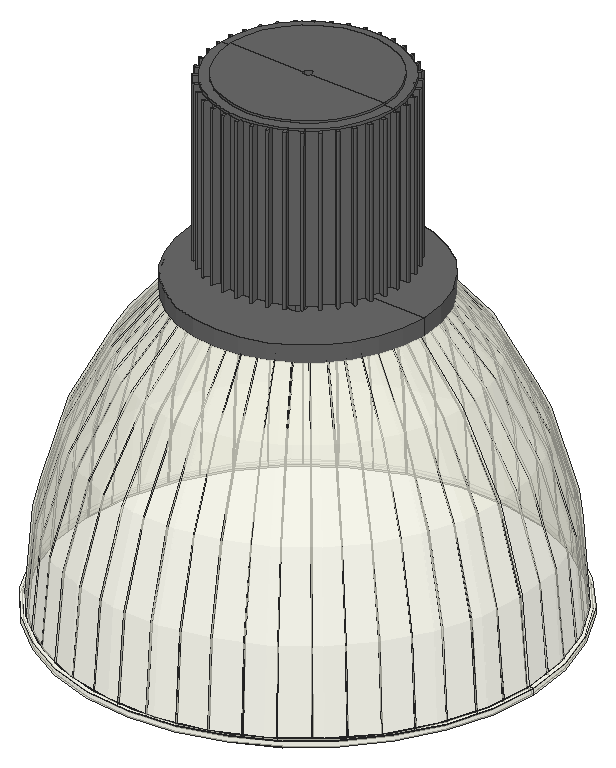
Revit family "phs22", category Lighting Fixtures, Revit 2024
Family settings
  Round Connector Dimension = Use Diameter
  Part Type = Normal
  OmniClass Number = 23.80.70.00
  OmniClass Title = Lighting
  Work Plane-Based = No
  Always vertical = Yes
  Cut with Voids When Loaded = No
  Light Source = No
  Maintain Annotation Orientation = No
  Shared = No
  Room Calculation Point = No
Parameters
  Default Elevation = 0' - 0"
Reference planes (in)
  plane 1 "Light Source Axis (F/B)": y = 0
  plane 2: z = 0
  plane 3 "Light Source Axis (L/R)": x = 0
  plane 4 "Light Source Elevation": z = 54
Forms (in)
  Sweep 1, solid, material "GLASS SHADE", not visible
    path origin (75.968, 0, 0.00093) x (1, 0, 0) y (0, 0, 1)
      loop
        arc (-4.5864, 68.3252) -> (-8.91952, 61.72019) -> (-10.59309, 54) r 21.63816
    profile origin (67.04848, 0, 61.72112) x (0.922209, 0, -0.386691) y (0, -1, 0)
      loop
        circle (0, 0) r 0.03125
  Revolve 2, solid, material "GLASS SHADE"
    sketch origin (0, 0, 0) x (1, 0, 0) y (0, 0, 1)
      loop
        line (11.16025, 54) -> (11.16025, 54.30779) -> (10.9572, 54.30779)
        arc (10.9572, 54.30779) -> (9.55266, 62.01139) -> (5.16417, 68.49672) r 19.02479
        line (5.16417, 68.49672) -> (5.09787, 68.43042)
        arc (5.09787, 68.43042) -> (9.48372, 61.93208) -> (10.86064, 54.21404) r 18.93104
        line (10.86064, 54.21404) -> (11.0665, 54.21404) -> (11.0665, 54) -> (11.16025, 54)
      axis (0, 68.49672) -> (0, 54)
    angle from 0 to 360
  Sweep 3, solid, material "GLASS SHADE"
    path origin (0, 0, 0) x (1, 0, 0) y (0, 0, 1)
      loop
        arc (-5.09787, 68.43042) -> (-9.41308, 61.90344) -> (-10.86064, 54.21404) r 19.78561
    profile origin (-9.41308, 0, 61.90344) x (0.926753, 0, -0.37567) y (0, -1, 0)
      loop
        circle (0, 0) r 0.03125
  Sweep 4, solid, material "GLASS SHADE"
    path origin (0, 0, 0) x (0.992115, -0.125333, 0) y (0, 0, 1)
      loop
        arc (-5.09787, 68.43042) -> (-9.41308, 61.90344) -> (-10.86064, 54.21404) r 19.78561
    profile origin (-9.33885, 1.17977, 61.90344) x (0.919446, -0.116153, -0.37567) y (-0.125333, -0.992115, 0)
      loop
        circle (0, 0) r 0.03125
  Sweep 5, solid, material "GLASS SHADE"
    path origin (0, 0, 0) x (0.992115, 0.125333, 0) y (0, 0, 1)
      loop
        arc (-5.09787, 68.43042) -> (-9.41308, 61.90344) -> (-10.86064, 54.21404) r 19.78561
    profile origin (-9.33885, -1.17977, 61.90344) x (0.919446, 0.116153, -0.37567) y (0.125333, -0.992115, 0)
      loop
        circle (0, 0) r 0.03125
  Sweep 6, solid, material "GLASS SHADE"
    path origin (0, 0, 0) x (0.968583, 0.24869, 0) y (0, 0, 1)
      loop
        arc (-5.09787, 68.43042) -> (-9.41308, 61.90344) -> (-10.86064, 54.21404) r 19.78561
    profile origin (-9.11735, -2.34094, 61.90344) x (0.897638, 0.230474, -0.37567) y (0.24869, -0.968583, 0)
      loop
        circle (0, 0) r 0.03125
  Sweep 7, solid, material "GLASS SHADE"
    path origin (0, 0, 0) x (0.929776, 0.368125, 0) y (0, 0, 1)
      loop
        arc (-5.09787, 68.43042) -> (-9.41308, 61.90344) -> (-10.86064, 54.21404) r 19.78561
    profile origin (-8.75206, -3.46518, 61.90344) x (0.861674, 0.341161, -0.37567) y (0.368125, -0.929776, 0)
      loop
        circle (0, 0) r 0.03125
  Sweep 8, solid, material "GLASS SHADE"
    path origin (0, 0, 0) x (0.876307, 0.481754, 0) y (0, 0, 1)
      loop
        arc (-5.09787, 68.43042) -> (-9.41308, 61.90344) -> (-10.86064, 54.21404) r 19.78561
    profile origin (-8.24874, -4.53478, 61.90344) x (0.81212, 0.446467, -0.37567) y (0.481754, -0.876307, 0)
      loop
        circle (0, 0) r 0.03125
  Sweep 9, solid, material "GLASS SHADE"
    path origin (0, 0, 0) x (0.809017, 0.587785, 0) y (0, 0, 1)
      loop
        arc (-5.09787, 68.43042) -> (-9.41308, 61.90344) -> (-10.86064, 54.21404) r 19.78561
    profile origin (-7.61534, -5.53287, 61.90344) x (0.749759, 0.544732, -0.37567) y (0.587785, -0.809017, 0)
      loop
        circle (0, 0) r 0.03125
  Sweep 10, solid, material "GLASS SHADE"
    path origin (0, 0, 0) x (0.728969, 0.684547, 0) y (0, 0, 1)
      loop
        arc (-5.09787, 68.43042) -> (-9.41308, 61.90344) -> (-10.86064, 54.21404) r 19.78561
    profile origin (-6.86184, -6.4437, 61.90344) x (0.675574, 0.634406, -0.37567) y (0.684547, -0.728969, 0)
      loop
        circle (0, 0) r 0.03125
  Sweep 11, solid, material "GLASS SHADE"
    path origin (0, 0, 0) x (0.637424, 0.770513, 0) y (0, 0, 1)
      loop
        arc (-5.09787, 68.43042) -> (-9.41308, 61.90344) -> (-10.86064, 54.21404) r 19.78561
    profile origin (-6.00012, -7.2529, 61.90344) x (0.590735, 0.714076, -0.37567) y (0.770513, -0.637424, 0)
      loop
        circle (0, 0) r 0.03125
  Sweep 12, solid, material "GLASS SHADE"
    path origin (0, 0, 0) x (0.535827, 0.844328, 0) y (0, 0, 1)
      loop
        arc (-5.09787, 68.43042) -> (-9.41308, 61.90344) -> (-10.86064, 54.21404) r 19.78561
    profile origin (-5.04378, -7.94772, 61.90344) x (0.496579, 0.782484, -0.37567) y (0.844328, -0.535827, 0)
      loop
        circle (0, 0) r 0.03125
  Sweep 13, solid, material "GLASS SHADE"
    path origin (0, 0, 0) x (0.425779, 0.904827, 0) y (0, 0, 1)
      loop
        arc (-5.09787, 68.43042) -> (-9.41308, 61.90344) -> (-10.86064, 54.21404) r 19.78561
    profile origin (-4.00789, -8.51721, 61.90344) x (0.394592, 0.838552, -0.37567) y (0.904827, -0.425779, 0)
      loop
        circle (0, 0) r 0.03125
  Sweep 14, solid, material "GLASS SHADE"
    path origin (0, 0, 0) x (0.309017, 0.951057, 0) y (0, 0, 1)
      loop
        arc (-5.09787, 68.43042) -> (-9.41308, 61.90344) -> (-10.86064, 54.21404) r 19.78561
    profile origin (-2.9088, -8.95237, 61.90344) x (0.286383, 0.881395, -0.37567) y (0.951057, -0.309017, 0)
      loop
        circle (0, 0) r 0.03125
  Sweep 15, solid, material "GLASS SHADE"
    path origin (0, 0, 0) x (0.187381, 0.982287, 0) y (0, 0, 1)
      loop
        arc (-5.09787, 68.43042) -> (-9.41308, 61.90344) -> (-10.86064, 54.21404) r 19.78561
    profile origin (-1.76383, -9.24635, 61.90344) x (0.173656, 0.910338, -0.37567) y (0.982287, -0.187381, 0)
      loop
        circle (0, 0) r 0.03125
  Sweep 16, solid, material "GLASS SHADE"
    path origin (0, 0, 0) x (0.062791, 0.998027, 0) y (0, 0, 1)
      loop
        arc (-5.09787, 68.43042) -> (-9.41308, 61.90344) -> (-10.86064, 54.21404) r 19.78561
    profile origin (-0.59105, -9.3945, 61.90344) x (0.058191, 0.924925, -0.37567) y (0.998027, -0.062791, 0)
      loop
        circle (0, 0) r 0.03125
  Sweep 17, solid, material "GLASS SHADE"
    path origin (0, 0, 0) x (-0.062791, 0.998027, 0) y (0, 0, 1)
      loop
        arc (-5.09787, 68.43042) -> (-9.41308, 61.90344) -> (-10.86064, 54.21404) r 19.78561
    profile origin (0.59105, -9.3945, 61.90344) x (-0.058191, 0.924925, -0.37567) y (0.998027, 0.062791, 0)
      loop
        circle (0, 0) r 0.03125
  Sweep 18, solid, material "GLASS SHADE"
    path origin (0, 0, 0) x (-0.187381, 0.982287, 0) y (0, 0, 1)
      loop
        arc (-5.09787, 68.43042) -> (-9.41308, 61.90344) -> (-10.86064, 54.21404) r 19.78561
    profile origin (1.76383, -9.24635, 61.90344) x (-0.173656, 0.910338, -0.37567) y (0.982287, 0.187381, 0)
      loop
        circle (0, 0) r 0.03125
  Sweep 19, solid, material "GLASS SHADE"
    path origin (0, 0, 0) x (-0.309017, 0.951057, 0) y (0, 0, 1)
      loop
        arc (-5.09787, 68.43042) -> (-9.41308, 61.90344) -> (-10.86064, 54.21404) r 19.78561
    profile origin (2.9088, -8.95237, 61.90344) x (-0.286383, 0.881395, -0.37567) y (0.951057, 0.309017, 0)
      loop
        circle (0, 0) r 0.03125
  Sweep 20, solid, material "GLASS SHADE"
    path origin (0, 0, 0) x (-0.425779, 0.904827, 0) y (0, 0, 1)
      loop
        arc (-5.09787, 68.43042) -> (-9.41308, 61.90344) -> (-10.86064, 54.21404) r 19.78561
    profile origin (4.00789, -8.51721, 61.90344) x (-0.394592, 0.838552, -0.37567) y (0.904827, 0.425779, 0)
      loop
        circle (0, 0) r 0.03125
  Sweep 21, solid, material "GLASS SHADE"
    path origin (0, 0, 0) x (-0.535827, 0.844328, 0) y (0, 0, 1)
      loop
        arc (-5.09787, 68.43042) -> (-9.41308, 61.90344) -> (-10.86064, 54.21404) r 19.78561
    profile origin (5.04378, -7.94772, 61.90344) x (-0.496579, 0.782484, -0.37567) y (0.844328, 0.535827, 0)
      loop
        circle (0, 0) r 0.03125
  Sweep 22, solid, material "GLASS SHADE"
    path origin (0, 0, 0) x (-0.637424, 0.770513, 0) y (0, 0, 1)
      loop
        arc (-5.09787, 68.43042) -> (-9.41308, 61.90344) -> (-10.86064, 54.21404) r 19.78561
    profile origin (6.00012, -7.2529, 61.90344) x (-0.590735, 0.714076, -0.37567) y (0.770513, 0.637424, 0)
      loop
        circle (0, 0) r 0.03125
  Sweep 23, solid, material "GLASS SHADE"
    path origin (0, 0, 0) x (-0.728969, 0.684547, 0) y (0, 0, 1)
      loop
        arc (-5.09787, 68.43042) -> (-9.41308, 61.90344) -> (-10.86064, 54.21404) r 19.78561
    profile origin (6.86184, -6.4437, 61.90344) x (-0.675574, 0.634406, -0.37567) y (0.684547, 0.728969, 0)
      loop
        circle (0, 0) r 0.03125
  Sweep 24, solid, material "GLASS SHADE"
    path origin (0, 0, 0) x (-0.809017, 0.587785, 0) y (0, 0, 1)
      loop
        arc (-5.09787, 68.43042) -> (-9.41308, 61.90344) -> (-10.86064, 54.21404) r 19.78561
    profile origin (7.61534, -5.53287, 61.90344) x (-0.749759, 0.544732, -0.37567) y (0.587785, 0.809017, 0)
      loop
        circle (0, 0) r 0.03125
  Sweep 25, solid, material "GLASS SHADE"
    path origin (0, 0, 0) x (-0.876307, 0.481754, 0) y (0, 0, 1)
      loop
        arc (-5.09787, 68.43042) -> (-9.41308, 61.90344) -> (-10.86064, 54.21404) r 19.78561
    profile origin (8.24874, -4.53478, 61.90344) x (-0.81212, 0.446467, -0.37567) y (0.481754, 0.876307, 0)
      loop
        circle (0, 0) r 0.03125
  Sweep 26, solid, material "GLASS SHADE"
    path origin (0, 0, 0) x (-0.929776, 0.368125, 0) y (0, 0, 1)
      loop
        arc (-5.09787, 68.43042) -> (-9.41308, 61.90344) -> (-10.86064, 54.21404) r 19.78561
    profile origin (8.75206, -3.46518, 61.90344) x (-0.861674, 0.341161, -0.37567) y (0.368125, 0.929776, 0)
      loop
        circle (0, 0) r 0.03125
  Sweep 27, solid, material "GLASS SHADE"
    path origin (0, 0, 0) x (-0.968583, 0.24869, 0) y (0, 0, 1)
      loop
        arc (-5.09787, 68.43042) -> (-9.41308, 61.90344) -> (-10.86064, 54.21404) r 19.78561
    profile origin (9.11735, -2.34094, 61.90344) x (-0.897638, 0.230474, -0.37567) y (0.24869, 0.968583, 0)
      loop
        circle (0, 0) r 0.03125
  Sweep 28, solid, material "GLASS SHADE"
    path origin (0, 0, 0) x (-0.992115, 0.125333, 0) y (0, 0, 1)
      loop
        arc (-5.09787, 68.43042) -> (-9.41308, 61.90344) -> (-10.86064, 54.21404) r 19.78561
    profile origin (9.33885, -1.17977, 61.90344) x (-0.919446, 0.116153, -0.37567) y (0.125333, 0.992115, 0)
      loop
        circle (0, 0) r 0.03125
  Sweep 29, solid, material "GLASS SHADE"
    path origin (0, 0, 0) x (-1, 0, 0) y (0, 0, 1)
      loop
        arc (-5.09787, 68.43042) -> (-9.41308, 61.90344) -> (-10.86064, 54.21404) r 19.78561
    profile origin (9.41308, 0, 61.90344) x (-0.926753, 0, -0.37567) y (0, 1, 0)
      loop
        circle (0, 0) r 0.03125
  Sweep 30, solid, material "GLASS SHADE"
    path origin (0, 0, 0) x (-0.992115, -0.125333, 0) y (0, 0, 1)
      loop
        arc (-5.09787, 68.43042) -> (-9.41308, 61.90344) -> (-10.86064, 54.21404) r 19.78561
    profile origin (9.33885, 1.17977, 61.90344) x (-0.919446, -0.116153, -0.37567) y (-0.125333, 0.992115, 0)
      loop
        circle (0, 0) r 0.03125
  Sweep 31, solid, material "GLASS SHADE"
    path origin (0, 0, 0) x (-0.968583, -0.24869, 0) y (0, 0, 1)
      loop
        arc (-5.09787, 68.43042) -> (-9.41308, 61.90344) -> (-10.86064, 54.21404) r 19.78561
    profile origin (9.11735, 2.34094, 61.90344) x (-0.897638, -0.230474, -0.37567) y (-0.24869, 0.968583, 0)
      loop
        circle (0, 0) r 0.03125
  Sweep 32, solid, material "GLASS SHADE"
    path origin (0, 0, 0) x (-0.929776, -0.368125, 0) y (0, 0, 1)
      loop
        arc (-5.09787, 68.43042) -> (-9.41308, 61.90344) -> (-10.86064, 54.21404) r 19.78561
    profile origin (8.75206, 3.46518, 61.90344) x (-0.861674, -0.341161, -0.37567) y (-0.368125, 0.929776, 0)
      loop
        circle (0, 0) r 0.03125
  Sweep 33, solid, material "GLASS SHADE"
    path origin (0, 0, 0) x (-0.876307, -0.481754, 0) y (0, 0, 1)
      loop
        arc (-5.09787, 68.43042) -> (-9.41308, 61.90344) -> (-10.86064, 54.21404) r 19.78561
    profile origin (8.24874, 4.53478, 61.90344) x (-0.81212, -0.446467, -0.37567) y (-0.481754, 0.876307, 0)
      loop
        circle (0, 0) r 0.03125
  Sweep 34, solid, material "GLASS SHADE"
    path origin (0, 0, 0) x (-0.809017, -0.587785, 0) y (0, 0, 1)
      loop
        arc (-5.09787, 68.43042) -> (-9.41308, 61.90344) -> (-10.86064, 54.21404) r 19.78561
    profile origin (7.61534, 5.53287, 61.90344) x (-0.749759, -0.544732, -0.37567) y (-0.587785, 0.809017, 0)
      loop
        circle (0, 0) r 0.03125
  Sweep 35, solid, material "GLASS SHADE"
    path origin (0, 0, 0) x (-0.728969, -0.684547, 0) y (0, 0, 1)
      loop
        arc (-5.09787, 68.43042) -> (-9.41308, 61.90344) -> (-10.86064, 54.21404) r 19.78561
    profile origin (6.86184, 6.4437, 61.90344) x (-0.675574, -0.634406, -0.37567) y (-0.684547, 0.728969, 0)
      loop
        circle (0, 0) r 0.03125
  Sweep 36, solid, material "GLASS SHADE"
    path origin (0, 0, 0) x (-0.637424, -0.770513, 0) y (0, 0, 1)
      loop
        arc (-5.09787, 68.43042) -> (-9.41308, 61.90344) -> (-10.86064, 54.21404) r 19.78561
    profile origin (6.00012, 7.2529, 61.90344) x (-0.590735, -0.714076, -0.37567) y (-0.770513, 0.637424, 0)
      loop
        circle (0, 0) r 0.03125
  Sweep 37, solid, material "GLASS SHADE"
    path origin (0, 0, 0) x (-0.535827, -0.844328, 0) y (0, 0, 1)
      loop
        arc (-5.09787, 68.43042) -> (-9.41308, 61.90344) -> (-10.86064, 54.21404) r 19.78561
    profile origin (5.04378, 7.94772, 61.90344) x (-0.496579, -0.782484, -0.37567) y (-0.844328, 0.535827, 0)
      loop
        circle (0, 0) r 0.03125
  Sweep 38, solid, material "GLASS SHADE"
    path origin (0, 0, 0) x (-0.425779, -0.904827, 0) y (0, 0, 1)
      loop
        arc (-5.09787, 68.43042) -> (-9.41308, 61.90344) -> (-10.86064, 54.21404) r 19.78561
    profile origin (4.00789, 8.51721, 61.90344) x (-0.394592, -0.838552, -0.37567) y (-0.904827, 0.425779, 0)
      loop
        circle (0, 0) r 0.03125
  Sweep 39, solid, material "GLASS SHADE"
    path origin (0, 0, 0) x (-0.309017, -0.951057, 0) y (0, 0, 1)
      loop
        arc (-5.09787, 68.43042) -> (-9.41308, 61.90344) -> (-10.86064, 54.21404) r 19.78561
    profile origin (2.9088, 8.95237, 61.90344) x (-0.286383, -0.881395, -0.37567) y (-0.951057, 0.309017, 0)
      loop
        circle (0, 0) r 0.03125
  Sweep 40, solid, material "GLASS SHADE"
    path origin (0, 0, 0) x (-0.187381, -0.982287, 0) y (0, 0, 1)
      loop
        arc (-5.09787, 68.43042) -> (-9.41308, 61.90344) -> (-10.86064, 54.21404) r 19.78561
    profile origin (1.76383, 9.24635, 61.90344) x (-0.173656, -0.910338, -0.37567) y (-0.982287, 0.187381, 0)
      loop
        circle (0, 0) r 0.03125
  Sweep 41, solid, material "GLASS SHADE"
    path origin (0, 0, 0) x (-0.062791, -0.998027, 0) y (0, 0, 1)
      loop
        arc (-5.09787, 68.43042) -> (-9.41308, 61.90344) -> (-10.86064, 54.21404) r 19.78561
    profile origin (0.59105, 9.3945, 61.90344) x (-0.058191, -0.924925, -0.37567) y (-0.998027, 0.062791, 0)
      loop
        circle (0, 0) r 0.03125
  Sweep 42, solid, material "GLASS SHADE"
    path origin (0, 0, 0) x (0.062791, -0.998027, 0) y (0, 0, 1)
      loop
        arc (-5.09787, 68.43042) -> (-9.41308, 61.90344) -> (-10.86064, 54.21404) r 19.78561
    profile origin (-0.59105, 9.3945, 61.90344) x (0.058191, -0.924925, -0.37567) y (-0.998027, -0.062791, 0)
      loop
        circle (0, 0) r 0.03125
  Sweep 43, solid, material "GLASS SHADE"
    path origin (0, 0, 0) x (0.187381, -0.982287, 0) y (0, 0, 1)
      loop
        arc (-5.09787, 68.43042) -> (-9.41308, 61.90344) -> (-10.86064, 54.21404) r 19.78561
    profile origin (-1.76383, 9.24635, 61.90344) x (0.173656, -0.910338, -0.37567) y (-0.982287, -0.187381, 0)
      loop
        circle (0, 0) r 0.03125
  Sweep 44, solid, material "GLASS SHADE"
    path origin (0, 0, 0) x (0.309017, -0.951057, 0) y (0, 0, 1)
      loop
        arc (-5.09787, 68.43042) -> (-9.41308, 61.90344) -> (-10.86064, 54.21404) r 19.78561
    profile origin (-2.9088, 8.95237, 61.90344) x (0.286383, -0.881395, -0.37567) y (-0.951057, -0.309017, 0)
      loop
        circle (0, 0) r 0.03125
  Sweep 45, solid, material "GLASS SHADE"
    path origin (0, 0, 0) x (0.425779, -0.904827, 0) y (0, 0, 1)
      loop
        arc (-5.09787, 68.43042) -> (-9.41308, 61.90344) -> (-10.86064, 54.21404) r 19.78561
    profile origin (-4.00789, 8.51721, 61.90344) x (0.394592, -0.838552, -0.37567) y (-0.904827, -0.425779, 0)
      loop
        circle (0, 0) r 0.03125
  Sweep 46, solid, material "GLASS SHADE"
    path origin (0, 0, 0) x (0.535827, -0.844328, 0) y (0, 0, 1)
      loop
        arc (-5.09787, 68.43042) -> (-9.41308, 61.90344) -> (-10.86064, 54.21404) r 19.78561
    profile origin (-5.04378, 7.94772, 61.90344) x (0.496579, -0.782484, -0.37567) y (-0.844328, -0.535827, 0)
      loop
        circle (0, 0) r 0.03125
  Sweep 47, solid, material "GLASS SHADE"
    path origin (0, 0, 0) x (0.637424, -0.770513, 0) y (0, 0, 1)
      loop
        arc (-5.09787, 68.43042) -> (-9.41308, 61.90344) -> (-10.86064, 54.21404) r 19.78561
    profile origin (-6.00012, 7.2529, 61.90344) x (0.590735, -0.714076, -0.37567) y (-0.770513, -0.637424, 0)
      loop
        circle (0, 0) r 0.03125
  Sweep 48, solid, material "GLASS SHADE"
    path origin (0, 0, 0) x (0.728969, -0.684547, 0) y (0, 0, 1)
      loop
        arc (-5.09787, 68.43042) -> (-9.41308, 61.90344) -> (-10.86064, 54.21404) r 19.78561
    profile origin (-6.86184, 6.4437, 61.90344) x (0.675574, -0.634406, -0.37567) y (-0.684547, -0.728969, 0)
      loop
        circle (0, 0) r 0.03125
  Sweep 49, solid, material "GLASS SHADE"
    path origin (0, 0, 0) x (0.809017, -0.587785, 0) y (0, 0, 1)
      loop
        arc (-5.09787, 68.43042) -> (-9.41308, 61.90344) -> (-10.86064, 54.21404) r 19.78561
    profile origin (-7.61534, 5.53287, 61.90344) x (0.749759, -0.544732, -0.37567) y (-0.587785, -0.809017, 0)
      loop
        circle (0, 0) r 0.03125
  Sweep 50, solid, material "GLASS SHADE"
    path origin (0, 0, 0) x (0.876307, -0.481754, 0) y (0, 0, 1)
      loop
        arc (-5.09787, 68.43042) -> (-9.41308, 61.90344) -> (-10.86064, 54.21404) r 19.78561
    profile origin (-8.24874, 4.53478, 61.90344) x (0.81212, -0.446467, -0.37567) y (-0.481754, -0.876307, 0)
      loop
        circle (0, 0) r 0.03125
  Sweep 51, solid, material "GLASS SHADE"
    path origin (0, 0, 0) x (0.929776, -0.368125, 0) y (0, 0, 1)
      loop
        arc (-5.09787, 68.43042) -> (-9.41308, 61.90344) -> (-10.86064, 54.21404) r 19.78561
    profile origin (-8.75206, 3.46518, 61.90344) x (0.861674, -0.341161, -0.37567) y (-0.368125, -0.929776, 0)
      loop
        circle (0, 0) r 0.03125
  Sweep 52, solid, material "GLASS SHADE"
    path origin (0, 0, 0) x (0.968583, -0.24869, 0) y (0, 0, 1)
      loop
        arc (-5.09787, 68.43042) -> (-9.41308, 61.90344) -> (-10.86064, 54.21404) r 19.78561
    profile origin (-9.11735, 2.34094, 61.90344) x (0.897638, -0.230474, -0.37567) y (-0.24869, -0.968583, 0)
      loop
        circle (0, 0) r 0.03125
  Extrusion 53, solid, material "61"
    sketch origin (-46.69817, -17.29952, 69.69268) x (1, 0, 0) y (0, 1, 0)
      loop
        arc (46.63567, 21.42405) -> (46.37452, 21.41181) -> (46.11468, 21.38305) r 4.125
        line (46.11468, 21.38305) -> (46.06572, 21.69217)
        arc (46.06572, 21.69217) -> (45.99421, 21.74412) -> (45.94226, 21.67261) r 0.0625
        line (45.94226, 21.67261) -> (45.99122, 21.36349)
        arc (45.99122, 21.36349) -> (45.73521, 21.31055) -> (45.48306, 21.24149) r 4.125
        line (45.48306, 21.24149) -> (45.38635, 21.53915)
        arc (45.38635, 21.53915) -> (45.30759, 21.57928) -> (45.26746, 21.50052) r 0.0625
        line (45.26746, 21.50052) -> (45.36418, 21.20287)
        arc (45.36418, 21.20287) -> (45.1196, 21.11053) -> (44.88136, 21.00288) r 4.125
        line (44.88136, 21.00288) -> (44.73927, 21.28174)
        arc (44.73927, 21.28174) -> (44.65521, 21.30905) -> (44.6279, 21.22499) r 0.0625
        line (44.6279, 21.22499) -> (44.76998, 20.94613)
        arc (44.76998, 20.94613) -> (44.54286, 20.81666) -> (44.3244, 20.67307) r 4.125
        line (44.3244, 20.67307) -> (44.14043, 20.92627)
        arc (44.14043, 20.92627) -> (44.05313, 20.9401) -> (44.03931, 20.8528) r 0.0625
        line (44.03931, 20.8528) -> (44.22327, 20.5996)
        arc (44.22327, 20.5996) -> (44.01919, 20.4362) -> (43.82588, 20.2602) r 4.125
        line (43.82588, 20.2602) -> (43.60458, 20.4815)
        arc (43.60458, 20.4815) -> (43.51619, 20.4815) -> (43.51619, 20.39311) r 0.0625
        line (43.51619, 20.39311) -> (43.73749, 20.17181)
        arc (43.73749, 20.17181) -> (43.56149, 19.9785) -> (43.39809, 19.77442) r 4.125
        line (43.39809, 19.77442) -> (43.14489, 19.95838)
        arc (43.14489, 19.95838) -> (43.05759, 19.94456) -> (43.07142, 19.85726) r 0.0625
        line (43.07142, 19.85726) -> (43.32462, 19.67329)
        arc (43.32462, 19.67329) -> (43.18103, 19.45483) -> (43.05156, 19.22771) r 4.125
        line (43.05156, 19.22771) -> (42.7727, 19.36979)
        arc (42.7727, 19.36979) -> (42.68864, 19.34248) -> (42.71595, 19.25842) r 0.0625
        line (42.71595, 19.25842) -> (42.99481, 19.11633)
        arc (42.99481, 19.11633) -> (42.88716, 18.87809) -> (42.79482, 18.63351) r 4.125
        line (42.79482, 18.63351) -> (42.49717, 18.73023)
        arc (42.49717, 18.73023) -> (42.41841, 18.6901) -> (42.45854, 18.61134) r 0.0625
        line (42.45854, 18.61134) -> (42.7562, 18.51463)
        arc (42.7562, 18.51463) -> (42.68714, 18.26248) -> (42.6342, 18.00647) r 4.125
        line (42.6342, 18.00647) -> (42.32508, 18.05543)
        arc (42.32508, 18.05543) -> (42.25357, 18.00348) -> (42.30552, 17.93197) r 0.0625
        line (42.30552, 17.93197) -> (42.61464, 17.88301)
        arc (42.61464, 17.88301) -> (42.58588, 17.62317) -> (42.57364, 17.36202) r 4.125
        line (42.57364, 17.36202) -> (42.26067, 17.36202)
        arc (42.26067, 17.36202) -> (42.19817, 17.29952) -> (42.26067, 17.23702) r 0.0625
        line (42.26067, 17.23702) -> (42.57364, 17.23702)
        arc (42.57364, 17.23702) -> (42.58588, 16.97588) -> (42.61464, 16.71603) r 4.125
        line (42.61464, 16.71603) -> (42.30552, 16.66707)
        arc (42.30552, 16.66707) -> (42.25357, 16.59557) -> (42.32508, 16.54361) r 0.0625
        line (42.32508, 16.54361) -> (42.6342, 16.59257)
        arc (42.6342, 16.59257) -> (42.68714, 16.33656) -> (42.7562, 16.08441) r 4.125
        line (42.7562, 16.08441) -> (42.45854, 15.9877)
        arc (42.45854, 15.9877) -> (42.41841, 15.90895) -> (42.49717, 15.86882) r 0.0625
        line (42.49717, 15.86882) -> (42.79482, 15.96553)
        arc (42.79482, 15.96553) -> (42.88716, 15.72095) -> (42.99481, 15.48271) r 4.125
        line (42.99481, 15.48271) -> (42.71595, 15.34063)
        arc (42.71595, 15.34063) -> (42.68864, 15.25657) -> (42.7727, 15.22925) r 0.0625
        line (42.7727, 15.22925) -> (43.05156, 15.37134)
        arc (43.05156, 15.37134) -> (43.18103, 15.14422) -> (43.32462, 14.92575) r 4.125
        line (43.32462, 14.92575) -> (43.07142, 14.74179)
        arc (43.07142, 14.74179) -> (43.05759, 14.65449) -> (43.14489, 14.64066) r 0.0625
        line (43.14489, 14.64066) -> (43.39809, 14.82462)
        arc (43.39809, 14.82462) -> (43.56149, 14.62055) -> (43.73749, 14.42724) r 4.125
        line (43.73749, 14.42724) -> (43.51619, 14.20593)
        arc (43.51619, 14.20593) -> (43.51619, 14.11754) -> (43.60458, 14.11754) r 0.0625
        line (43.60458, 14.11754) -> (43.82588, 14.33885)
        arc (43.82588, 14.33885) -> (44.01919, 14.16285) -> (44.22327, 13.99945) r 4.125
        line (44.22327, 13.99945) -> (44.03931, 13.74625)
        arc (44.03931, 13.74625) -> (44.05313, 13.65895) -> (44.14043, 13.67277) r 0.0625
        line (44.14043, 13.67277) -> (44.3244, 13.92597)
        arc (44.3244, 13.92597) -> (44.54286, 13.78238) -> (44.76998, 13.65292) r 4.125
        line (44.76998, 13.65292) -> (44.6279, 13.37406)
        arc (44.6279, 13.37406) -> (44.65521, 13.28999) -> (44.73927, 13.31731) r 0.0625
        line (44.73927, 13.31731) -> (44.88136, 13.59617)
        arc (44.88136, 13.59617) -> (45.1196, 13.48852) -> (45.36418, 13.39618) r 4.125
        line (45.36418, 13.39618) -> (45.26746, 13.09852)
        arc (45.26746, 13.09852) -> (45.30759, 13.01977) -> (45.38635, 13.0599) r 0.0625
        line (45.38635, 13.0599) -> (45.48306, 13.35755)
        arc (45.48306, 13.35755) -> (45.73521, 13.2885) -> (45.99122, 13.23555) r 4.125
        line (45.99122, 13.23555) -> (45.94226, 12.92643)
        arc (45.94226, 12.92643) -> (45.99421, 12.85492) -> (46.06572, 12.90688) r 0.0625
        line (46.06572, 12.90688) -> (46.11468, 13.216)
        arc (46.11468, 13.216) -> (46.37452, 13.18724) -> (46.63567, 13.175) r 4.125
        line (46.63567, 13.175) -> (46.63567, 12.86202)
        arc (46.63567, 12.86202) -> (46.69817, 12.79952) -> (46.76067, 12.86202) r 0.0625
        line (46.76067, 12.86202) -> (46.76067, 13.175)
        arc (46.76067, 13.175) -> (47.02181, 13.18724) -> (47.28166, 13.216) r 4.125
        line (47.28166, 13.216) -> (47.33062, 12.90688)
        arc (47.33062, 12.90688) -> (47.40212, 12.85492) -> (47.45408, 12.92643) r 0.0625
        line (47.45408, 12.92643) -> (47.40512, 13.23555)
        arc (47.40512, 13.23555) -> (47.66113, 13.2885) -> (47.91328, 13.35755) r 4.125
        line (47.91328, 13.35755) -> (48.00999, 13.0599)
        arc (48.00999, 13.0599) -> (48.08874, 13.01977) -> (48.12887, 13.09852) r 0.0625
        line (48.12887, 13.09852) -> (48.03216, 13.39618)
        arc (48.03216, 13.39618) -> (48.27674, 13.48852) -> (48.51498, 13.59617) r 4.125
        line (48.51498, 13.59617) -> (48.65706, 13.31731)
        arc (48.65706, 13.31731) -> (48.74112, 13.28999) -> (48.76844, 13.37406) r 0.0625
        line (48.76844, 13.37406) -> (48.62635, 13.65292)
        arc (48.62635, 13.65292) -> (48.85347, 13.78238) -> (49.07194, 13.92597) r 4.125
        line (49.07194, 13.92597) -> (49.2559, 13.67277)
        arc (49.2559, 13.67277) -> (49.3432, 13.65895) -> (49.35703, 13.74625) r 0.0625
        line (49.35703, 13.74625) -> (49.17307, 13.99945)
        arc (49.17307, 13.99945) -> (49.37714, 14.16285) -> (49.57045, 14.33885) r 4.125
        line (49.57045, 14.33885) -> (49.79176, 14.11754)
        arc (49.79176, 14.11754) -> (49.88015, 14.11754) -> (49.88015, 14.20593) r 0.0625
        line (49.88015, 14.20593) -> (49.65884, 14.42724)
        arc (49.65884, 14.42724) -> (49.83484, 14.62055) -> (49.99824, 14.82462) r 4.125
        line (49.99824, 14.82462) -> (50.25144, 14.64066)
        arc (50.25144, 14.64066) -> (50.33874, 14.65449) -> (50.32492, 14.74179) r 0.0625
        line (50.32492, 14.74179) -> (50.07172, 14.92575)
        arc (50.07172, 14.92575) -> (50.21531, 15.14422) -> (50.34477, 15.37134) r 4.125
        line (50.34477, 15.37134) -> (50.62363, 15.22925)
        arc (50.62363, 15.22925) -> (50.7077, 15.25657) -> (50.68038, 15.34063) r 0.0625
        line (50.68038, 15.34063) -> (50.40152, 15.48271)
        arc (50.40152, 15.48271) -> (50.50917, 15.72095) -> (50.60151, 15.96553) r 4.125
        line (50.60151, 15.96553) -> (50.89917, 15.86882)
        arc (50.89917, 15.86882) -> (50.97792, 15.90895) -> (50.93779, 15.9877) r 0.0625
        line (50.93779, 15.9877) -> (50.64014, 16.08441)
        arc (50.64014, 16.08441) -> (50.70919, 16.33656) -> (50.76214, 16.59257) r 4.125
        line (50.76214, 16.59257) -> (51.07126, 16.54361)
        arc (51.07126, 16.54361) -> (51.14277, 16.59557) -> (51.09081, 16.66707) r 0.0625
        line (51.09081, 16.66707) -> (50.78169, 16.71603)
        arc (50.78169, 16.71603) -> (50.81045, 16.97588) -> (50.82269, 17.23702) r 4.125
        line (50.82269, 17.23702) -> (51.13567, 17.23702)
        arc (51.13567, 17.23702) -> (51.19817, 17.29952) -> (51.13567, 17.36202) r 0.0625
        line (51.13567, 17.36202) -> (50.82269, 17.36202)
        arc (50.82269, 17.36202) -> (50.81045, 17.62317) -> (50.78169, 17.88301) r 4.125
        line (50.78169, 17.88301) -> (51.09081, 17.93197)
        arc (51.09081, 17.93197) -> (51.14277, 18.00348) -> (51.07126, 18.05543) r 0.0625
        line (51.07126, 18.05543) -> (50.76214, 18.00647)
        arc (50.76214, 18.00647) -> (50.70919, 18.26248) -> (50.64014, 18.51463) r 4.125
        line (50.64014, 18.51463) -> (50.93779, 18.61134)
        arc (50.93779, 18.61134) -> (50.97792, 18.6901) -> (50.89917, 18.73023) r 0.0625
        line (50.89917, 18.73023) -> (50.60151, 18.63351)
        arc (50.60151, 18.63351) -> (50.50917, 18.87809) -> (50.40152, 19.11633) r 4.125
        line (50.40152, 19.11633) -> (50.68038, 19.25842)
        arc (50.68038, 19.25842) -> (50.7077, 19.34248) -> (50.62363, 19.36979) r 0.0625
        line (50.62363, 19.36979) -> (50.34477, 19.22771)
        arc (50.34477, 19.22771) -> (50.21531, 19.45483) -> (50.07172, 19.67329) r 4.125
        line (50.07172, 19.67329) -> (50.32492, 19.85726)
        arc (50.32492, 19.85726) -> (50.33874, 19.94456) -> (50.25144, 19.95838) r 0.0625
        line (50.25144, 19.95838) -> (49.99824, 19.77442)
        arc (49.99824, 19.77442) -> (49.83484, 19.9785) -> (49.65884, 20.17181) r 4.125
        line (49.65884, 20.17181) -> (49.88015, 20.39311)
        arc (49.88015, 20.39311) -> (49.88015, 20.4815) -> (49.79176, 20.4815) r 0.0625
        line (49.79176, 20.4815) -> (49.57045, 20.2602)
        arc (49.57045, 20.2602) -> (49.37714, 20.4362) -> (49.17307, 20.5996) r 4.125
        line (49.17307, 20.5996) -> (49.35703, 20.8528)
        arc (49.35703, 20.8528) -> (49.3432, 20.9401) -> (49.2559, 20.92627) r 0.0625
        line (49.2559, 20.92627) -> (49.07194, 20.67307)
        arc (49.07194, 20.67307) -> (48.85347, 20.81666) -> (48.62635, 20.94613) r 4.125
        line (48.62635, 20.94613) -> (48.76844, 21.22499)
        arc (48.76844, 21.22499) -> (48.74112, 21.30905) -> (48.65706, 21.28174) r 0.0625
        line (48.65706, 21.28174) -> (48.51498, 21.00288)
        arc (48.51498, 21.00288) -> (48.27674, 21.11053) -> (48.03216, 21.20287) r 4.125
        line (48.03216, 21.20287) -> (48.12887, 21.50052)
        arc (48.12887, 21.50052) -> (48.08874, 21.57928) -> (48.00999, 21.53915) r 0.0625
        line (48.00999, 21.53915) -> (47.91328, 21.24149)
        arc (47.91328, 21.24149) -> (47.66113, 21.31055) -> (47.40512, 21.36349) r 4.125
        line (47.40512, 21.36349) -> (47.45408, 21.67261)
        arc (47.45408, 21.67261) -> (47.40212, 21.74412) -> (47.33062, 21.69217) r 0.0625
        line (47.33062, 21.69217) -> (47.28166, 21.38305)
        arc (47.28166, 21.38305) -> (47.02181, 21.41181) -> (46.76067, 21.42405) r 4.125
        line (46.76067, 21.42405) -> (46.76067, 21.73702)
        arc (46.76067, 21.73702) -> (46.69817, 21.79952) -> (46.63567, 21.73702) r 0.0625
        line (46.63567, 21.73702) -> (46.63567, 21.42405)
    from 0 to 7.80732
  Revolve 54, solid, material "61"
    sketch origin (0, 0, 3.69268) x (1, 0, 0) y (0, 0, 1)
      loop
        line (0.20328, 74) -> (0.20328, 73.80732) -> (4.2478, 73.80732) -> (4.2478, 73.91001) -> (3.80087, 73.91001) -> (3.80087, 74) -> (0.20328, 74)
      loop
        line (3.83475, 66) -> (0, 66) -> (0, 65.91001) -> (3.83475, 65.91001) -> (3.83475, 66)
      loop
        line (0, 65.175) -> (0, 65.09164) -> (5.69693, 65.09164) -> (5.69693, 64.37758) -> (5.77358, 64.37758) -> (5.77358, 65.175) -> (0, 65.175)
      axis (0, 74) -> (0, 64.37758)
    angle from 0 to 360
  Revolve 55, solid, material "61"
    sketch origin (-2.65723, 0, 3.69268) x (1, 0, 0) y (0, 0, 1)
      loop
        line (0.41619, 65.91001) -> (0, 65.91001) -> (0, 65.175) -> (0.41619, 65.175) -> (0.41619, 65.91001)
      axis (0, 65.175) -> (0, 65.91001)
    angle from 0 to 360
  Revolve 56, solid, material "61"
    sketch origin (1.32861, 2.30123, 3.69268) x (-0.5, -0.866025, 0) y (0, 0, 1)
      loop
        line (0.41619, 65.91001) -> (0, 65.91001) -> (0, 65.175) -> (0.41619, 65.175) -> (0.41619, 65.91001)
      axis (0, 65.175) -> (0, 65.91001)
    angle from 0 to 360
  Revolve 57, solid, material "61"
    sketch origin (1.32861, -2.30123, 3.69268) x (-0.5, 0.866025, 0) y (0, 0, 1)
      loop
        line (0.41619, 65.91001) -> (0, 65.91001) -> (0, 65.175) -> (0.41619, 65.175) -> (0.41619, 65.91001)
      axis (0, 65.175) -> (0, 65.91001)
    angle from 0 to 360
Dimensions and locks (in)
  aligned and locked: level to plane 2
